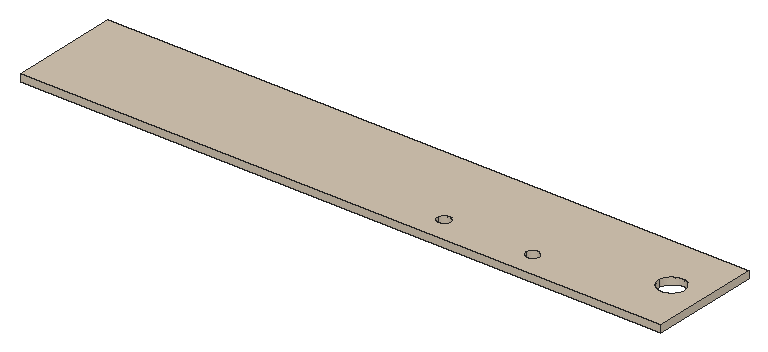
Revit family "rinnai_linear_fire_platform_1500", category Specialty Equipment, Revit 2019
Family settings
  Round Connector Dimension = Use Diameter
  Part Type = Normal
  Work Plane-Based = No
  Always vertical = Yes
  Cut with Voids When Loaded = No
  Shared = No
  Room Calculation Point = No
Parameters (values of type "Fire Platform for Linear 1500 Series")
  m_platform = Rinnai Ply
  Type Comments = "Plywood platform to support fire."
  Thickness = 20 mm
  Opening Width = Fire Width + 100 mm  # 1950 mm
  Fire Width = 1850 mm
  Fire Box Centre = 500 mm
  Depth = 335 mm
  B = 400 mm
  A = 50 mm
Reference planes
  plane 1 "Center (Front/Back)": y = 0
  plane 2: z = 0
  plane 3 "Center (Left/Right)": x = -161.867
  plane 4: y = 167.5
  plane 5 "Fire Centreline": x = 313.133
  plane 6: y = -167.5
  plane 7: x = 813.133
  plane 8: x = -1136.867
  plane 9: z = -20
  plane 10: y = -90.5
  plane 11: x = 363.133
  plane 12: x = 93.133
  plane 13: x = 713.133
Forms (mm)
  Extrusion 1, solid, material "Rinnai Ply" <- "m_platform"
    sketch origin (0, 0, 0) x (1, 0, 0) y (0, 1, 0)
      loop
        line (-1136.867, -167.5) -> (813.133, -167.5) -> (813.133, 167.5) -> (-1136.867, 167.5) -> (-1136.867, -167.5)
      loop
        circle (363.133, -90.5) r 20
      loop
        circle (713.133, 0) r 40
      loop
        circle (93.133, -90.5) r 20
    from -20 to 0
Dimensions and locks
  equal spacing: plane 4, plane 1 "Center (Front/Back)", plane 6
  "Depth": plane 4 to plane 6
  "Opening Width": plane 8 to plane 7
  "Fire Box Centre": plane 5 "Fire Centreline" to plane 7
  equal spacing: plane 8, plane 3 "Center (Left/Right)", plane 7
  plane 10 to plane 6 = 77 mm
  "A": plane 5 "Fire Centreline" to plane 11
  "B": plane 5 "Fire Centreline" to plane 13
  locked: plane 12 to plane 5 "Fire Centreline" at 220
  plane 3 "Center (Left/Right)" to plane 5 "Fire Centreline" = 475 mm
  "Thickness": plane 2 to plane 9
  aligned and locked: level to plane 2
  aligned and locked: Extrusion 1 sketch curve to plane 6
  aligned and locked: Extrusion 1 sketch curve to plane 8
  aligned and locked: plane 4 to Extrusion 1 sketch curve
  aligned and locked: plane 7 to Extrusion 1 sketch curve
  aligned and locked: Extrusion 1 to plane 9
  aligned and locked: plane 2 to Extrusion 1
Automatic sketch dimensions
  Extrusion 1 sketch curve to plane 10 = 0 mm  (x2)
  Extrusion 1 sketch curve to plane 12 = 0 mm
  Extrusion 1 sketch curve to plane 11 = 0 mm
  plane 1 "Center (Front/Back)" to Extrusion 1 sketch curve = 0 mm
  Extrusion 1 sketch curve to plane 13 = 0 mm
  radius of Extrusion 1 sketch curve = 20 mm  (x2)
  radius of Extrusion 1 sketch curve = 40 mm
